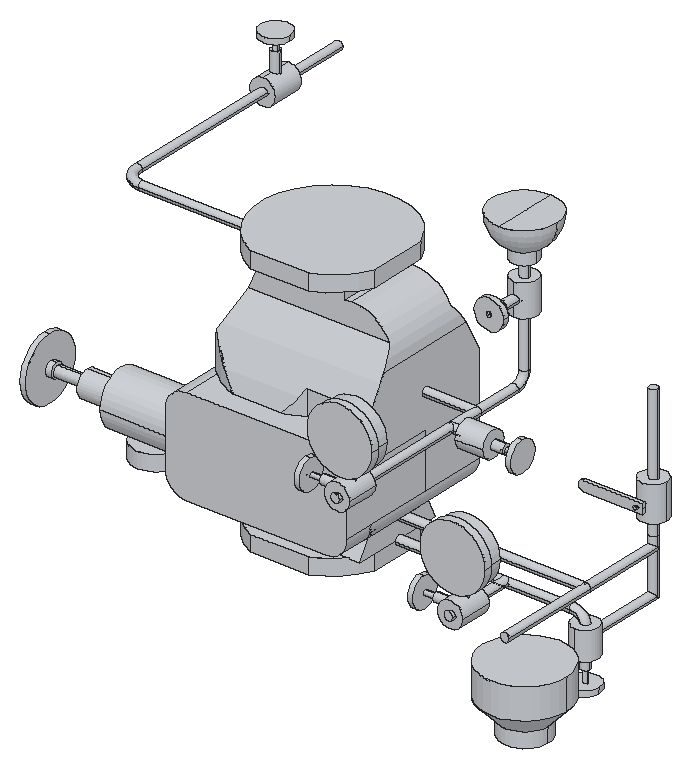
Revit family
Reference planes (in)
  plane 1 "Center (Front/Back)": y = 0
  plane 2: z = 0
  plane 3 "Center (Left/Right)": x = 0
Dimensions and locks (in)
  aligned and locked: plane 2 to level
Nested families (in)
  nested 1: "4DFTG" at (260.84077, -13.02506, 0), type "RASCO 4IN. D DRY VALVE W/ TRIM"
Connectors (in)
  piping at (263.78988, -19.72171, 19.5)
    settings: on nested 1, index 1, connector radius 4", flow factor 0, pipe flow 0 GPM, pressure drop 0.00 psi, fitting loss kfactor 0, connector angle 0.00°, fixture units 0, flow configuration 0, flow direction 0, fitting loss method 0, system type 7, connector reference index -1, connector utility 0, adjustable connector no, is connector primary yes, fitting loss table "", connector description ""
  piping at (262.4299, -18.36449, 3.5)
    settings: on nested 1, index 2, connector radius 4", flow factor 0, pipe flow 0 GPM, pressure drop 0.00 psi, fitting loss kfactor 0, connector angle 0.00°, fixture units 0, flow configuration 0, flow direction 0, fitting loss method 0, system type 7, connector reference index -1, connector utility 0, adjustable connector no, is connector primary no, fitting loss table "", connector description ""
  piping at (276.84077, -22.27506, 0)
    settings: on nested 1, index 3, connector radius 1 1/2", flow factor 0, pipe flow 0 GPM, pressure drop 0.00 psi, fitting loss kfactor 0, connector angle 0.00°, fixture units 0, flow configuration 0, flow direction 0, fitting loss method 0, system type 7, connector reference index -1, connector utility 0, adjustable connector no, is connector primary no, fitting loss table "", connector description ""
  piping at (251.39788, -17.79402, 3.74581)
    settings: on nested 1, index 4, connector radius 1 1/2", flow factor 0, pipe flow 0 GPM, pressure drop 0.00 psi, fitting loss kfactor 0, connector angle 0.00°, fixture units 0, flow configuration 0, flow direction 0, fitting loss method 0, system type 7, connector reference index -1, connector utility 0, adjustable connector no, is connector primary no, fitting loss table "", connector description ""
Definition of nested family "4DFTG"
  Reference planes (in)
    plane 1 "Center (Front/Back)": y = 0
    plane 2: z = 0
    plane 3 "Center (Left/Right)": x = 0
    plane 4 "side1": x = -16
    plane 5 "side2": x = 18.5
    plane 6 "front": y = 11.25
    plane 7 "back": y = -11.25
    plane 8 "valve center": x = 1
    plane 9: y = -4.75
    plane 10: z = 19.8125
    plane 11 "front2": y = -15.25
  Forms (in)
    Sweep 1, solid
      path origin (0, -11.25, 0.05672) x (0, 0, 1) y (1, 0, 0)
        loop
          line (6.22171, -7.21556) -> (6.22171, -5.50223)
      profile origin (-6.3589, -11.25, 6.27842) x (0, 0, -1) y (0, 1, 0)
        loop
          circle (0, 6.46554) r 1
    Sweep 2, solid
      path origin (0.0014, -0.01398, 0) x (1, 0, 0) y (0, 1, 0)
        loop
          line (-1.75, -4.75) -> (-10.29154, -4.75)
          arc (-10.29154, -4.75) -> (-11.10942, -4.41123) -> (-11.44819, -3.59335) r 1.15665
          line (-11.44819, -3.59335) -> (-11.44819, 11.25)
      profile origin (-6.01937, -4.76398, 0) x (0, -1, 0) y (0, 0, 1)
        loop
          circle (0, 17.88939) r 0.25
    Sweep 3, solid
      path origin (-0.05726, 0.02144, -1.80116) x (1, 0, 0) y (0, 1, 0)
        loop
          line (6.47318, -4.75) -> (9.62654, -4.75)
      profile origin (7.9926, -4.72856, -1.80116) x (0, 1, 0) y (0, 0, 1)
        loop
          circle (0, 14.65846) r 0.25
    Sweep 4, solid
      path origin (0, 0.02144, -1.89062) x (0, 1, 0) y (0, 0, 1)
        loop
          line (-1.25, 21.5) -> (-1.25, 15.5)
          arc (-1.25, 15.5) -> (-1.46967, 14.96967) -> (-2, 14.75) r 0.75
          line (-2, 14.75) -> (-4.75, 14.75) -> (-15.25, 14.75)
      profile origin (0, -9.97856, 12.85938) x (0, 0, -1) y (1, 0, 0)
        loop
          circle (0, 9.5556) r 0.25
    Sweep 5, solid
      path origin (0, -0.28001, 12.85578) x (1, 0, 0) y (0, 1, 0)
        loop
          line (9.50758, -6.32425) -> (11.75758, -6.32425)
      profile origin (10.63258, -6.60426, 12.85578) x (0, 1, 0) y (0, 0, 1)
        loop
          circle (0, 0) r 0.25
    Sweep 6, solid
      path origin (0, -11.25, -0.00424) x (0, 0, 1) y (1, 0, 0)
        loop
          line (4.4375, 4.89075) -> (4.4375, 15.25)
          arc (4.4375, 15.25) -> (4.21783, 15.78033) -> (3.6875, 16) r 0.75
          line (3.6875, 16) -> (2.9375, 16)
      profile origin (10.07038, -11.25, 4.43326) x (0, 0, -1) y (0, 1, 0)
        loop
          circle (0, 6.49921) r 0.25
    Sweep 7, solid
      path origin (0.01415, -11.25, -0.10665) x (0, 0, 1) y (1, 0, 0)
        loop
          line (5.87512, 4.89075) -> (5.87512, 16)
      profile origin (10.45953, -11.25, 5.76846) x (0, 0, -1) y (0, 1, 0)
        loop
          circle (0, 6.50994) r 0.25
    Sweep 8, solid
      path origin (0, 0, -0.00509) x (0, 1, 0) y (0, 0, 1)
        loop
          line (0.25, 5.77377) -> (-4.75, 5.77377) -> (-10.75, 5.77377)
      profile origin (0, -7.75, 5.76868) x (0, 0, -1) y (1, 0, 0)
        loop
          circle (0, 16.02274) r 0.25
    Sweep 9, solid
      path origin (0, 0, 0.04979) x (0, 1, 0) y (0, 0, 1)
        loop
          line (-4.75, 4.4375) -> (-9, 4.4375)
      profile origin (0, -6.875, 4.48729) x (0, 0, -1) y (1, 0, 0)
        loop
          circle (0, 11.27893) r 0.25
    Sweep 10, solid
      path origin (0, 0.0255, -0.06528) x (0, 1, 0) y (0, 0, 1)
        loop
          line (-4.75, 3.25) -> (0.25, 3.25) -> (0.25, 6.5) -> (0.25, 14.25)
      profile origin (0, -2.2245, 3.18472) x (0, 0, 1) y (1, 0, 0)
        loop
          circle (0, 16.00189) r 0.25
  Lines and regions (in)
    model lines
      curve 1: line (-16, 11.25, 0) -> (18.5, 11.25, 0)
      curve 2: line (18.5, 11.25, 0) -> (18.5, -15.5, 0)
      curve 3: line (18.5, -15.5, 0) -> (-16, -15.5, 0)
      curve 4: line (-16, -15.5, 0) -> (-16, 11.25, 0)
      curve 5: line (-16, 11.25, 0) -> (-16, 11.25, 22)
      curve 6: line (-16, -15.25, 0) -> (-16, -15.25, 22)
      curve 7: line (-16, -15.25, 22) -> (-16, 11.25, 22)
      curve 8: line (18.5, 11.25, 0) -> (18.5, 11.25, 22)
      curve 9: line (18.5, 11.25, 22) -> (18.5, -15.25, 22)
      curve 10: line (18.5, -15.25, 22) -> (18.5, -15.25, 0)
      curve 11: line (16, 11.25, 22) -> (-16, 11.25, 22)
      curve 12: line (18.5, 11.25, 22) -> (-16, 11.25, 22)
      curve 13: line (18.5, -15.25, 22) -> (18.5, 11.25, 22)
      curve 14: line (-16, 11.25, 22) -> (18.5, 11.25, 22)
      curve 15: line (-16, -15.25, 22) -> (18.5, -15.25, 22)
  Dimensions and locks (in)
    aligned and locked: plane 2 to level
  Nested families (in)
    nested 1: "4in.Model D Dry Valve Flanged" at (1, -4.75, 3.5), type "4in.Model D Dry Valve Flanged"
    nested 2: "Drip Cup" at (16, -9.25, 0), type "RASCO Drip Cup"
    nested 3: "Globe Valve2" at (9.75, -14.47856, 11.58688), type "RASCO Globe Valve"
    nested 4: "Globe Valve2" at (11.48476, -8.25, 3.20819), type "RASCO Globe Valve"
    nested 5: "Gauge" at (9.5714, -13.72856, 9.36202), type "RASCO Gauge"
    nested 6: "Gauge" at (11.28297, -7.5, 1.00525), type "RASCO Gauge"
    nested 7: "Priming Cup" at (9.5714, -1.25, 19.5), type "Priming Cup"
    nested 8: "Angle valve" at (-12.25, -4.75, 3.74581), type "RASCO Valve, Angle , 2""
    nested 9: "Globe Valve3" at (10.67508, -2.5, 16.35218), type "RASCO Globe Valve"
    nested 10: "Globe Valve7" at (17.132, -5.5, 0.88066), type "RASCO Globe Valve"
    nested 11: "Globe Valve8" at (13.25, -7.36713, 11.48406), type "RASCO Globe Valve"
    nested 12: "Ball Valve" at (13.38162, 0.25, 7.40334), type "Ball Valve"
    nested 13: "Globe Valve9" at (-10.32961, 6.25, 17.54219), type "RASCO Globe Valve"
  Definition of nested family "4in.Model D Dry Valve Flanged"
    Reference planes (in)
      plane 1 "Center (Front/Back)": y = 0
      plane 2: z = 0
      plane 3 "Center (Left/Right)": x = 0
      plane 4 "top of valve": z = 16
      plane 5 "ref.2": z = 0.9375
      plane 6 "cover": y = -5.7597
    Forms (in)
      Extrusion 1, solid
        sketch origin (0, 0, 0) x (1, 0, 0) y (0, 1, 0)
          loop
            arc (3.89075, 1.71013) -> (-3.00745, 3.00296) -> (-1.70431, -3.8933) r 4.25
            line (-1.70431, -3.8933) -> (1.70758, -3.8933)
            arc (1.70758, -3.8933) -> (3.00246, -3.00501) -> (3.89075, -1.71013) r 4.28837
            line (3.89075, -1.71013) -> (3.89075, 1.71013)
        from 0 to 0.9375
      Extrusion 2, solid
        sketch origin (0.00292, 0, 15.0625) x (1, 0, 0) y (0, 1, 0)
          loop
            arc (3.89075, 1.71013) -> (-3.00745, 3.00296) -> (-1.70431, -3.8933) r 4.25
            line (-1.70431, -3.8933) -> (1.70758, -3.8933)
            arc (1.70758, -3.8933) -> (3.00246, -3.00501) -> (3.89075, -1.71013) r 4.28837
            line (3.89075, -1.71013) -> (3.89075, 1.71013)
        from 0 to 0.9375
      Extrusion 3, solid
        sketch origin (0, 0, 0.9375) x (-1, 0, 0) y (0, -1, 0)
          loop
            arc (-1.7397, -3.9903) -> (5.58709, -0.01799) -> (-1.70941, 4.0097) r 4.75
            line (-1.70941, 4.0097) -> (-5.47318, 4.0097) -> (-5.47318, -3.9903) -> (-1.7397, -3.9903)
        from 0 to 14.125
      Extrusion 4, void
        sketch origin (0, 0, 0) x (1, 0, 0) y (0, 0, 1)
          loop
            line (-2.75, 15.0625) -> (-5.63666, 15.0625) -> (-5.63666, -0.53033) -> (6.11334, -0.53033) -> (6.64367, 0) -> (6.64367, 16.5625) -> (3.89367, 16.5625) -> (3.89367, 15.0625) -> (2.54653, 15.0625) -> (2.54653, 14.1875) -> (2.97318, 14.1875)
            arc (2.97318, 14.1875) -> (4.74094, 13.45527) -> (5.47318, 11.6875) r 2.5
            line (5.47318, 11.6875) -> (5.47318, 4.00012)
            arc (5.47318, 4.00012) -> (5.10706, 3.11623) -> (4.22318, 2.75012) r 1.25
            line (4.22318, 2.75012) -> (3.89075, 2.75012) -> (3.89075, 0) -> (-4.25, 0) -> (-4.25, 0.9375) -> (-4.80134, 2.22985)
            arc (-4.80134, 2.22985) -> (-5.48799, 5.60485) -> (-4.80134, 8.97985) r 8.63765
            line (-4.80134, 8.97985) -> (-2.75, 13.8125) -> (-2.75, 15.0625)
        from -5.3409 to 5.21886
      Extrusion 5, void
        sketch origin (0, 0, 0) x (0, 1, 0) y (0, 0, 1)
          loop
            line (2.25, 15.0625) -> (2.25, 12.8125)
            arc (2.25, 12.8125) -> (4.6066, 8.05593) -> (4.77058, 2.75012) r 12.46643
            line (4.77058, 2.75012) -> (2.29718, 2.75012)
            arc (2.29718, 2.75012) -> (2.08634, 2.63444) -> (2.07061, 2.39446) r 0.25
            line (2.07061, 2.39446) -> (2.75, 0.9375) -> (4.25, 0.9375) -> (4.25, 0) -> (-3.8933, 0) -> (-3.8933, 0.9375) -> (-2.80172, 0.9375) -> (-1.97171, 2.37512)
            arc (-1.97171, 2.37512) -> (-1.97171, 2.62512) -> (-2.18822, 2.75012) r 0.25
            line (-2.18822, 2.75012) -> (-4.7552, 2.75012)
            arc (-4.7552, 2.75012) -> (-4.6327, 8.06267) -> (-2.25, 12.8125) r 12.12358
            line (-2.25, 12.8125) -> (-2.25, 15.0625) -> (-6.75, 15.0625) -> (-6.75, -2.4375) -> (6.75, -2.4375) -> (6.75, 15.0625) -> (2.25, 15.0625)
        from -6.24342 to 7.87669
      Extrusion 6, solid
        sketch origin (0, 0, 0) x (1, 0, 0) y (0, 0, 1)
          loop
            arc (-4.02682, 8.47793) -> (-4.91071, 8.11182) -> (-5.27682, 7.22793) r 1.25
            line (-5.27682, 7.22793) -> (-5.27682, 4.00012)
            arc (-5.27682, 4.00012) -> (-4.91071, 3.11623) -> (-4.02682, 2.75012) r 1.25
            line (-4.02682, 2.75012) -> (4.22318, 2.75012)
            arc (4.22318, 2.75012) -> (5.10706, 3.11623) -> (5.47318, 4.00012) r 1.25
            line (5.47318, 4.00012) -> (5.47318, 7.22793)
            arc (5.47318, 7.22793) -> (5.10706, 8.11182) -> (4.22318, 8.47793) r 1.25
            line (4.22318, 8.47793) -> (-4.02682, 8.47793)
        from 0 to 5.7597
      Extrusion 7, solid
        sketch origin (0, 0, 0) x (0, 1, 0) y (0, 0, 1)
          loop
            circle (0, 2.75012) r 1.5
        from -4.34464 to -6.59024
    Cuts and joins
      Extrusion 4, Extrusion 5 cuts Extrusion 1
      Extrusion 4, Extrusion 5 cuts Extrusion 2
      Extrusion 4, Extrusion 5 cuts Extrusion 3
    Dimensions and locks (in)
      Extrusion 6 to plane 1 "Center (Front/Back)" = 0' - 5.7597"
      aligned and locked: plane 2 to level
  Definition of nested family "Drip Cup"
    Reference planes (in)
      plane 1 "Center (Front/Back)": y = 0
      plane 2: z = 0
      plane 3 "Center (Left/Right)": x = 0
      plane 4 "ref.2": z = 0.875
      plane 5 "ref.3": z = 2.047
    Forms (in)
      Extrusion 1, solid
        sketch origin (0, 0, 0) x (1, 0, 0) y (0, 1, 0)
          loop
            circle (0, 0) r 1.3865
        from 0 to 0.875
      Blend 2, solid
        base sketch origin (0, 0, 0.875) x (-1, 0, 0) y (0, -1, 0)
          loop
            circle (0, 0) r 1.3865
        top sketch origin (0, 0, 0.875) x (-1, 0, 0) y (0, -1, 0)
          loop
            circle (0, 0) r 2.475
        from 0 to 1.172
      Extrusion 3, solid
        sketch origin (0, 0, 2.047) x (-1, 0, 0) y (0, -1, 0)
          loop
            circle (0, 0) r 2.475
        from 0 to 1.828
    Dimensions and locks (in)
      aligned and locked: plane 2 to level
  Definition of nested family "Globe Valve2"
    Parameters (values of type "RASCO Globe Valve")
      Assembly Code = ""
    Reference planes (in)
      plane 1 "Center (Front/Back)": y = 0
      plane 2: z = 0
      plane 3 "Center (Left/Right)": x = 0
      plane 4 "ref. side": x = -0.5
      plane 5 "ref. side2": x = -1.734
      plane 6 "ref. side 4": x = -2.763
    Forms (in)
      Extrusion 1, solid
        sketch origin (-0.22225, -0.51301, 1.26951) x (1, 0, 0) y (0, 0, -1)
          loop
            circle (0, 0) r 0.75
        from -0.07961 to 1.82121
      Extrusion 2, solid
        sketch origin (-1.77701, -0.51016, 1.24486) x (0, 1, 0) y (0, 0, 1)
          loop
            circle (0.86289, 0) r 0.265
        from -0.00766 to 1.234
      Extrusion 3, solid
        sketch origin (-1.78467, -0.49129, 1.24486) x (0, -1, 0) y (0, 0, 1)
          loop
            circle (-0.85773, 0) r 0.135
        from 0 to 1.029
      Extrusion 4, solid
        sketch origin (-2.81367, -0.49129, 1.24486) x (0, 1, 0) y (0, 0, 1)
          loop
            circle (0.85138, 0) r 0.87523
        from 0 to 0.3
    Dimensions and locks (in)
      aligned and locked: plane 2 to level
  Definition of nested family "Gauge"
    Reference planes (in)
      plane 1 "Center (Front/Back)": y = 0
      plane 2: z = 0
      plane 3 "Center (Left/Right)": x = 0
      plane 4: z = 7.47962
      plane 5 "ref.2": y = -0.425
      plane 6 "ref.3": z = 5.65212
      plane 7 "refdt": y = -1.191
    Forms (in)
      Extrusion 1, solid
        sketch origin (0, -1.191, -1.051) x (-1, 0, 0) y (0, 0, 1)
          loop
            circle (0, 7.47962) r 1.9225
        from 0 to 0.425
      Extrusion 2, solid
        sketch origin (0, -0.766, -1.051) x (0, 0, 1) y (1, 0, 0)
          loop
            circle (7.47962, 0) r 1.8275
        from 0 to 0.766
      Extrusion 3, solid
        sketch origin (0, -1.191, 4.60112) x (1, 0, 0) y (0, 1, 0)
          loop
            circle (0, 0.80101) r 0.2725
        from 0 to -1.146
    Lines and regions (in)
      model lines
        curve 1: arc (-1.6525, -1.191, 6.42862) -> (0, -1.191, 8.08112) -> (1.6525, -1.191, 6.42862) r 1.6525
        curve 2: arc (-1.4775, -1.191, 6.42862) -> (0, -1.191, 7.90612) -> (1.4775, -1.191, 6.42862) r 1.4775
        curve 3: line (-1.6525, -1.191, 6.42862) -> (-1.4775, -1.191, 6.42862)
        curve 4: line (1.4775, -1.191, 6.42862) -> (1.6525, -1.191, 6.42862)
        curve 5: line (-0.53387, -1.191, 6.23266) -> (0.86594, -1.191, 7.32631)
        curve 6: line (0.86594, -1.191, 7.32631) -> (-0.38079, -1.191, 6.07958)
        curve 7: line (-0.38079, -1.191, 6.07958) -> (-0.53387, -1.191, 6.23266)
    Dimensions and locks (in)
      aligned and locked: plane 2 to level
  Definition of nested family "Priming Cup"
    Reference planes (in)
      plane 1 "Center (Front/Back)": y = 0
      plane 2: z = 0
      plane 3 "Center (Left/Right)": x = 0
    Forms (in)
      Revolve 1, solid
        sketch origin (0.00127, 0, -2.163) x (1, 0, 0) y (0, 0, 1)
          loop
            line (0, 2.70312) -> (0, 6.54687)
            arc (0, 6.54687) -> (-1.92187, 4.625) -> (0, 2.70312) r 1.92188
          axis (0, 6.54687) -> (0, 2.70312)
        angle from 0 to 360
      Extrusion 2, solid
        sketch origin (0, 0, 0) x (1, 0, 0) y (0, 1, 0)
          loop
            circle (0, 0) r 0.75
        from 0 to 0.69585
      Extrusion 3, void
        sketch origin (0, 0, 0) x (1, 0, 0) y (0, 0, 1)
          loop
            line (0, 2.5) -> (2, 2.5) -> (2, 4.59324) -> (-2, 4.59324) -> (-2, 2.5) -> (0, 2.5)
        from -2.04052 to 2.13292
    Cuts and joins
      Extrusion 3 cuts Revolve 1
    Dimensions and locks (in)
      aligned and locked: plane 2 to level
  Definition of nested family "Angle valve"
    Parameters (values of type "RASCO Valve, Angle , 2"")
      Assembly Code = ""
    Reference planes (in)
      plane 1 "Center (Front/Back)": y = 0
      plane 2: z = 0
      plane 3 "Center (Left/Right)": x = 0
      plane 4 "ref.2": z = 0.92023
      plane 5 "ref.3": z = 6.346
      plane 6 "ref.4": z = 8.166
      plane 7 "ref.5": z = 8.566
      plane 8 "ref. side": x = -3.47
    Forms (in)
      Extrusion 1, solid
        sketch origin (5.096, 4.73344, 2.5051) x (0, 0, -1) y (0, -1, 0)
          loop
            circle (0, 4.75241) r 1.57537
        from 0 to 4.346
      Extrusion 2, solid
        sketch origin (-1.25, -0.00215, -0.07247) x (0, 0, 1) y (0, -1, 0)
          loop
            circle (2.5928, 0) r 0.77644
        from 0 to 2
      Extrusion 3, solid
        sketch origin (-3.07, 0.00814, -2.20396) x (0, 0, 1) y (0, -1, 0)
          loop
            circle (4.75241, 0) r 0.3125
        from 0 to 1.82
      Extrusion 4, solid
        sketch origin (-3.47, 0.00814, -2.1883) x (0, 0, 1) y (0, -1, 0)
          loop
            circle (4.75241, 0) r 0.4125
        from 0 to 0.4
      Extrusion 5, solid
        sketch origin (-3.77, -0.00215, -2.22178) x (0, 0, 1) y (0, -1, 0)
          loop
            circle (4.75241, 0) r 1.85
        from 0 to 0.3
      Extrusion 6, solid
        sketch origin (2.80712, 2.8536, 0) x (1, 0, 0) y (0, 1, 0)
          loop
            circle (0, -2.87257) r 1.335
        from 0 to 0.92
    Dimensions and locks (in)
      aligned and locked: plane 2 to level
  Definition of nested family "Globe Valve3"
    Parameters (values of type "RASCO Globe Valve")
      Assembly Code = ""
    Reference planes (in)
      plane 1 "Center (Front/Back)": y = 0
      plane 2: z = 0
      plane 3 "Center (Left/Right)": x = 0
      plane 4 "ref. side": x = -0.5
      plane 5 "ref. side2": x = -1.734
      plane 6 "ref. side 4": x = -2.763
    Forms (in)
      Extrusion 1, solid
        sketch origin (-1.12772, 1.27849, 0.36465) x (0, 1, 0) y (-1, 0, 0)
          loop
            circle (0, 0) r 0.75
        from -0.06079 to 1.82121
      Extrusion 2, solid
        sketch origin (-1.15237, -0.27626, 0.3675) x (0, 0, 1) y (1, 0, 0)
          loop
            circle (0.86289, 0) r 0.265
        from -0.00766 to 1.234
      Extrusion 3, solid
        sketch origin (-1.15237, -0.28392, 0.38638) x (0, 0, -1) y (1, 0, 0)
          loop
            circle (-0.85773, 0) r 0.135
        from 0 to 1.029
      Extrusion 4, solid
        sketch origin (-1.15237, -1.31292, 0.38638) x (0, 0, 1) y (1, 0, 0)
          loop
            circle (0.85138, 0) r 0.87523
        from 0 to 0.3
    Dimensions and locks (in)
      aligned and locked: plane 2 to level
  Definition of nested family "Globe Valve7"
    Parameters (values of type "RASCO Globe Valve")
      Assembly Code = ""
    Reference planes (in)
      plane 1 "Center (Front/Back)": y = 0
      plane 2: z = 0
      plane 3 "Center (Left/Right)": x = 0
      plane 4 "ref. side": x = -0.5
      plane 5 "ref. side2": x = -1.734
      plane 6 "ref. side 4": x = -2.763
    Forms (in)
      Extrusion 1, solid
        sketch origin (-1.12772, 0.72828, 1.21905) x (0, 1, 0) y (-1, 0, 0)
          loop
            circle (0, 0) r 0.75
        from 0.16557 to 1.82121
      Extrusion 2, solid
        sketch origin (-1.15237, 1.62964, 0.35836) x (0, -1, 0) y (1, 0, 0)
          loop
            circle (0.86289, 0) r 0.265
        from 0.27626 to 1.02626
      Extrusion 3, solid
        sketch origin (-1.15237, 1.60446, -0.39438) x (1, 0, 0) y (0, 1, 0)
          loop
            circle (0, -0.85773) r 0.135
        from 0 to 1.029
      Extrusion 4, solid
        sketch origin (-1.15237, 1.5397, -0.39438) x (0, -1, 0) y (1, 0, 0)
          loop
            circle (0.85138, 0) r 0.87523
        from 0 to 0.3
    Dimensions and locks (in)
      aligned and locked: plane 2 to level
  Definition of nested family "Globe Valve8"
    Parameters (values of type "RASCO Globe Valve")
      Assembly Code = ""
    Reference planes (in)
      plane 1 "Center (Front/Back)": y = 0
      plane 2: z = 0
      plane 3 "Center (Left/Right)": x = 0
      plane 4 "ref. side": x = -0.5
      plane 5 "ref. side2": x = -1.734
      plane 6 "ref. side 4": x = -2.763
    Forms (in)
      Extrusion 1, solid
        sketch origin (-1.04848, 0.72828, 1.34759) x (0, 1, 0) y (0, 0, -1)
          loop
            circle (0, 0) r 0.75
        from 0.16557 to 1.82121
      Extrusion 2, solid
        sketch origin (-0.18779, 1.62964, 1.32294) x (0, -1, 0) y (0, 0, 1)
          loop
            circle (0.86289, 0) r 0.265
        from 0.27626 to 1.02626
      Extrusion 3, solid
        sketch origin (-0.76405, 1.60446, 1.33844) x (0, 1, 0) y (0, 0, 1)
          loop
            circle (-0.85773, 0) r 0.135
        from 0 to 1.029
      Extrusion 4, solid
        sketch origin (0.56495, 1.5397, 1.32294) x (0, -1, 0) y (0, 0, 1)
          loop
            circle (0.85138, 0) r 0.87523
        from 0 to 0.3
    Dimensions and locks (in)
      aligned and locked: plane 2 to level
  Definition of nested family "Ball Valve"
    Reference planes (in)
      plane 1 "Center (Front/Back)": y = 0
      plane 2: z = 0
      plane 3 "Center (Left/Right)": x = 0
      plane 4 "ref.2": z = 1.03
      plane 5 "ref. handle": y = -1.36107
    Forms (in)
      Extrusion 1, solid
        sketch origin (2.63014, 0, 0) x (0, 1, 0) y (-1, 0, 0)
          loop
            circle (0, 0) r 0.79097
        from 0 to 2.06
      Extrusion 2, solid
        sketch origin (2.63014, 0, 2.06) x (-1, 0, 0) y (0, 0, -1)
          loop
            circle (0, 1.03) r 0.105
        from 0.69684 to 1.36107
      Extrusion 3, solid
        sketch origin (2.63014, -1.36107, 2.06819) x (0, 0, -1) y (1, 0, 0)
          loop
            line (1.03, 0.37389) -> (0.735, 0.37389) -> (0.735, -3.12611)
            arc (0.735, -3.12611) -> (1.03, -3.42111) -> (1.325, -3.12611) r 0.295
            line (1.325, -3.12611) -> (1.325, 0.37389) -> (1.03, 0.37389)
        from -0.26148 to -0.09542
    Dimensions and locks (in)
      aligned and locked: plane 2 to level
  Definition of nested family "Globe Valve9"
    Parameters (values of type "RASCO Globe Valve")
      Assembly Code = ""
    Reference planes (in)
      plane 1 "Center (Front/Back)": y = 0
      plane 2: z = 0
      plane 3 "Center (Left/Right)": x = 0
      plane 4 "ref. side": x = -0.5
      plane 5 "ref. side2": x = -1.734
      plane 6 "ref. side 4": x = -2.763
    Forms (in)
      Extrusion 1, solid
        sketch origin (-1.11831, -0.51301, 0.32415) x (0, 0, -1) y (-1, 0, 0)
          loop
            circle (0, 0) r 0.75
        from -0.07961 to 1.82121
      Extrusion 2, solid
        sketch origin (-1.13277, -0.51016, 0.93126) x (1, 0, 0) y (0, 1, 0)
          loop
            circle (0, 0.86289) r 0.265
        from -0.00766 to 1.234
      Extrusion 3, solid
        sketch origin (-1.14296, -0.49129, 1.88657) x (0, -1, 0) y (1, 0, 0)
          loop
            circle (-0.85773, 0) r 0.135
        from 0 to 1.029
      Extrusion 4, solid
        sketch origin (-1.14296, -0.49129, 2.91557) x (1, 0, 0) y (0, 1, 0)
          loop
            circle (0, 0.85138) r 0.87523
        from 0 to 0.3
    Dimensions and locks (in)
      aligned and locked: plane 2 to level
